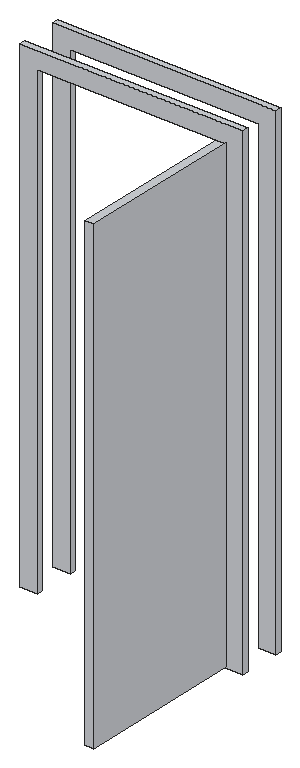
Revit family "LeftDoor", category 门, Revit 2025
Family settings
  主体 = 墙
  OmniClass 编号 = 23.30.10.00
  OmniClass 标题 = Doors
  总是垂直 = 是
  载入时剪切的空心 = 否
  共享 = 否
  房间计算点 = 否
Parameters
  功能 = 内部
  框架投影外部. = 25 mm
  框架投影内部. = 25 mm
  框架宽度 = 75 mm
  高度 = 2000 mm
  墙闭合 = 按主体
  宽度 = 1000 mm
  AI_Width [instance] = 800 mm
  AI_Height [instance] = 2000 mm
Reference planes
  plane 1: y = 0
  plane 2 "中心(左/右)": x = 0
  plane 3 "左": x = -400
  plane 4 "右": x = 400
  plane 5: z = 2000
  plane 6 "外部": y = 75
  plane 7 "内部": y = -75
  plane 8: y = -800
Forms (mm)
  Extrusion 1, solid
    sketch origin (-3050, -75, 0) x (1, 0, 0) y (0, 0, 1)
      loop
        line (2575, 0) -> (2650, 0) -> (2650, 2000) -> (3450, 2000) -> (3450, 0) -> (3525, 0) -> (3525, 2075) -> (2575, 2075) -> (2575, 0)
    from 0 to 25
  Extrusion 2, solid
    sketch origin (-3050, 75, 0) x (-1, 0, 0) y (0, 0, 1)
      loop
        line (-2650, 0) -> (-2575, 0) -> (-2575, 2075) -> (-3525, 2075) -> (-3525, 0) -> (-3450, 0) -> (-3450, 2000) -> (-2650, 2000) -> (-2650, 0)
    from 0 to 25
  Extrusion 3, solid
    sketch origin (0, 0, 0) x (1, 0, 0) y (0, 1, 0)
      loop
        line (400, 0) -> (360, 0) -> (360, -800) -> (400, -800) -> (400, 0)
    from 0 to 2000 <- "AI_Height"
Lines and regions (mm)
  Opening 1
    outline origin (-3050, -75, 0) x (1, 0, 0) y (0, 0, 1)
      loop
        line (2650, 0) -> (3450, 0) -> (3450, 2000) -> (2650, 2000) -> (2650, 0)
  symbolic lines, style "立面打开方向"
    curve 1: line (400, -75, 1000) -> (-400, -75, 2000)
    curve 2: line (400, -75, 1000) -> (-400, -75, 0)
Text (mm)
  text "外部" at (-2295.016, 1099.543, 0), in view "参照标高"
  text "外部" at (0, 1615.38, 3698.081), in view "左"
  text "外部" at (0, 1036.032, 3874.932), in view "右"
Dimensions and locks
  equal spacing: plane 3 "左", plane 2 "中心(左/右)", plane 4 "右"
  "AI_Width": plane 3 "左" to plane 4 "右"
  "AI_Height": plane 5 to host wall
  equal spacing: host wall, curve 2, plane 5
  host wall to plane 5 = 2000 mm
  "框架投影外部.": Extrusion 2 to Extrusion 2
  "框架投影内部.": Extrusion 1 to Extrusion 1
  "框架宽度": plane 3 "左" to Extrusion 1 sketch curve
  "框架宽度": plane 4 "右" to Extrusion 1 sketch curve
  "框架宽度": Extrusion 1 sketch curve to plane 5
  "框架宽度": plane 4 "右" to Extrusion 2 sketch curve
  "框架宽度": plane 3 "左" to Extrusion 2 sketch curve
  "框架宽度": plane 5 to Extrusion 2 sketch curve
  locked: plane 6 "外部" to host wall
  locked: plane 7 "内部" to host wall
  "AI_Width": plane 8 to host wall
  aligned and locked: plane 3 "左" to Opening 1 sketch curve
  aligned and locked: plane 5 to Opening 1 sketch curve  (x2)
  aligned and locked: Opening 1 sketch curve to plane 4 "右"
  aligned and locked: Opening 1 sketch curve to level
  aligned and locked: level to Extrusion 1 sketch curve
  aligned and locked: plane 5 to Extrusion 1 sketch curve  (x2)
  aligned and locked: Extrusion 1 sketch curve to plane 4 "右"
  aligned and locked: plane 3 "左" to Extrusion 1 sketch curve
  aligned and locked: plane 3 "左" to Extrusion 2 sketch curve
  aligned and locked: plane 5 to Extrusion 2 sketch curve  (x2)
  aligned and locked: level to Extrusion 2 sketch curve
  aligned and locked: plane 5 to curve 1
  aligned and locked: plane 3 "左" to curve 2
  aligned and locked: plane 1 to host wall
  aligned and locked: plane 3 "左" to curve 1
Automatic sketch dimensions
  Extrusion 2 sketch curve to plane 4 "右" = 0 mm
  Extrusion 1 sketch curve to level = 0 mm
  Extrusion 2 sketch curve to level = 0 mm
  plane 4 "右" to curve 2 = 0 mm
  curve 2 to level = 0 mm
  Extrusion 3 sketch curve to plane 8 = 0 mm
  host wall to Extrusion 3 sketch curve = 0 mm
  Extrusion 3 sketch curve to plane 4 "右" = 0 mm
  plane 4 "右" to Extrusion 3 sketch curve = 40 mm
